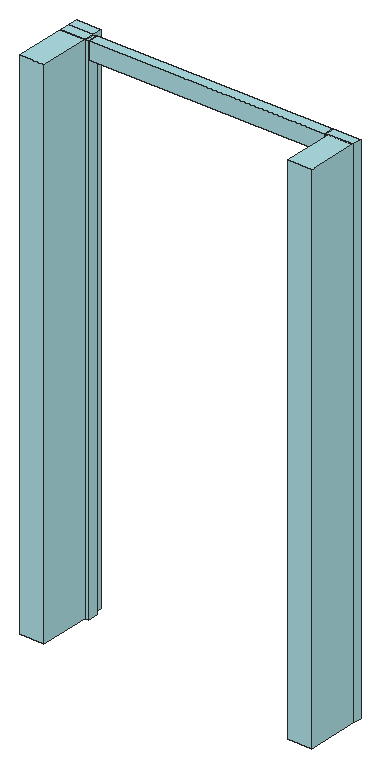
Revit family "Витраж_четверть_расшир", category Окна, Revit 2021
Family settings
  Основа = Стена
  Номер OmniClass = 23.30.20.00
  Заголовок OmniClass = Windows
  Всегда вертикально = Да
  При загрузке вырезать с полостями = Нет
  Общий = Нет
  Точка принадлежности помещению = Нет
Parameters (values of type "1760x3135")
  Четверь_ширина = 95 mm
  Четверь сверху_ширина = 75 mm
  Четверть_глубина [instance] = 60 mm
  Утепл_02_ширина = 210 mm
  Утепл_02_Отступ от внутреннего края = 90 mm
  Утепл_01_ширина = 230 mm
  Утепл_01_глубина = 60 mm
  Утепл_01_Смещение = 0 mm
  Утепл_01_Высота = 103 mm
  Примерная ширина вунутр проема = 1300 mm
  Rough Width = 1470 mm
  Rough Height = 3030 mm
  Поротерм_толщина = 250 mm
  Откос_толщина = 10 mm
  Определить тепловые свойства по = Тип схем
  Нащельник_глубина полки = 20 mm
  Нащельник_Ширина_полки = 28 mm
  Нащельник_Толщина = 2 mm
  Нащельник_Смещение_Сбоку = 190 mm
  Мат_Утепл_02 = BRU_Минераловатная плита ТехноБлок 80
  Мат_Утепл_01 = BRU_Минераловатная плита ТехноБлок 80
  Мат_Откос = Кирпич, бежевый
  Мат_Нащелник = none
  Группа модели = "Элемент фасада"
  Height = Rough Height + Утепл_01_Высота - Утепл_01_Смещение + Нащельник_Толщина  # 3135 mm
  Высота подоконника по умолчанию = 0 mm
  Замыкание стены = По основе
  Width = Rough Width + Утепл_02_ширина * 2  # 1890 mm
  Внутренний_проем_Ширина = 0 mm
  Вид_Откос = no
  Вид_Нащ_СО = Вид_Откос  # no
  Вид_Нащ_БО = not(Вид_Откос)  # yes
  Аналитическая конструкция = "<Нет>"
  ADSK_Толщина стены [instance] = 460 mm
  ADSK_Размер_Ширина = Примерная ширина вунутр проема + (Утепл_02_ширина - Четверь_ширина) * 4  # 1760 mm
  ADSK_Размер_Высота = Height  # 3135 mm
Reference planes
  plane 1 "По центру (Вперед/Назад)": y = 0
  plane 2 "По центру (Влево/Вправо)": x = 0
  plane 3 "Слева": x = -945
  plane 4 "Справа": x = 945
  plane 5 "Подоконник": z = 0
  plane 6 "Заголовок": z = 3135
  plane 7 "Наружный": y = 230
  plane 8 "Внутренние": y = -230
  plane 9: x = -850
  plane 10: x = 850
  plane 11: z = 3060
  plane 12: y = 80
  plane 13: x = -840
  plane 14: x = 840
  plane 15: z = 3050
  plane 16: y = 290
  plane 17: x = 0
  plane 18: x = 0
  plane 19: y = -480
  plane 20: z = 3032
  plane 21: y = 230
  plane 22: y = -140
  plane 23 "Нащельник слева": x = 755
  plane 24 "Нащельник справа": x = -755
Forms (mm)
  Extrusion 1, void
    sketch origin (0, 230, 0) x (1, 0, 0) y (0, 0, 1)
      loop
        line (880, 3135) -> (-880, 3135) -> (-880, 0) -> (880, 0) -> (880, 3135)
    from 0 to 460
  Extrusion 2, void
    sketch origin (0, 230, 0) x (1, 0, 0) y (0, 0, 1)
      loop
        line (850, 3060) -> (-850, 3060) -> (-850, 0) -> (850, 0) -> (850, 3060)
    from -180 to 510
  Extrusion 3, solid, material "Кирпич, бежевый" <- "Мат_Откос", visible <- "Вид_Откос"
    sketch origin (0, 230, 0) x (1, 0, 0) y (0, 0, 1)
      loop
        line (850, 3060) -> (-850, 3060) -> (-850, 0) -> (-840, 0) -> (-840, 3050) -> (840, 3050) -> (840, 0) -> (850, 0) -> (850, 3060)
    from -60 to 0
  Extrusion 4, solid, material "BRU_Минераловатная плита ТехноБлок 80" <- "Мат_Утепл_01"
    sketch origin (0, 0, 0) x (1, 0, 0) y (0, 1, 0)
      loop
        line (715, 230) -> (715, 170) -> (880, 170) -> (880, 230) -> (715, 230)
      loop
        line (-880, 230) -> (-880, 170) -> (-715, 170) -> (-715, 230) -> (-880, 230)
    from 0 to 3135
  Extrusion 5, solid, material "BRU_Минераловатная плита ТехноБлок 80" <- "Мат_Утепл_02"
    sketch origin (0, 0, 0) x (1, 0, 0) y (0, 1, 0)
      loop
        line (735, 170) -> (735, -140) -> (880, -140) -> (880, 170) -> (735, 170)
      loop
        line (-880, 290) -> (-880, -140) -> (-735, -140) -> (-735, 290) -> (-880, 290)
    from 0 to 3135
  Extrusion 6, solid, material "BRU_Минераловатная плита ТехноБлок 80" <- "Мат_Утепл_01"
    sketch origin (0, 0, 0) x (1, 0, 0) y (0, 1, 0)
      loop
        line (-715, 170) -> (715, 170) -> (715, 230) -> (-715, 230) -> (-715, 170)
    from 3032 to 3135
  Sweep 7, solid, material <- "Мат_Нащелник", visible <- "Вид_Нащ_СО"
    path origin (0, 230, 0) x (1, 0, 0) y (0, 0, 1)
      loop
        line (840, 0) -> (840, 3050) -> (-840, 3050) -> (-840, 0)
    profile origin (840, 230, 1525) x (-1, 0, 0) y (0, -1, 0)
      loop
        line (28, 0) -> (0, 0) -> (0, -20) -> (2, -20) -> (2, -2) -> (28, -2) -> (28, 0)
  Sweep 8, solid, material <- "Мат_Нащелник", visible <- "Вид_Нащ_БО"
    path origin (0, 230, 0) x (1, 0, 0) y (0, 0, 1)
      loop
        line (755, 0) -> (755, 3060) -> (-755, 3060) -> (-755, 0)
    profile origin (755, 230, 1530) x (-1, 0, 0) y (0, -1, 0)
      loop
        line (0, 0) -> (0, -20) -> (2, -20) -> (2, -2) -> (28, -2) -> (28, 0) -> (0, 0)
  Extrusion 9, void
    sketch origin (0, 230, 0) x (1, 0, 0) y (0, 0, 1)
      loop
        line (812, 2935) -> (812, 3032) -> (-812, 3032) -> (-812, 2935) -> (812, 2935)
    from -60 to 710
Cuts and joins
  Extrusion 9 cuts Sweep 7
  Extrusion 9 cuts Sweep 8
Text (mm)
  text "Наружный" at (-1963.203, 1332.353, 0), in view "Опорный уровень"
  text "Внутренние" at (-1981.466, -818.386, 0), in view "Опорный уровень"
  text "Наружный" at (0, 701.548, 2943.296), in view "Справа"
  text "Наружный" at (0, 1241.896, 2685.409), in view "Слева"
Dimensions and locks
  equal spacing: plane 3 "Слева", plane 2 "По центру (Влево/Вправо)", plane 4 "Справа"
  "Width": plane 3 "Слева" to plane 4 "Справа"
  "Height": plane 5 "Подоконник" to plane 6 "Заголовок"
  "Высота подоконника по умолчанию": plane 5 "Подоконник" to level
  locked: plane 7 "Наружный" to host wall
  locked: plane 8 "Внутренние" to host wall
  "Четверь_ширина": plane 3 "Слева" to plane 9
  "Четверь_ширина": plane 10 to plane 4 "Справа"
  "Четверь сверху_ширина": plane 11 to plane 6 "Заголовок"
  "Четверть_глубина": plane 7 "Наружный" to plane 16
  "Откос_толщина": plane 14 to plane 10
  "Откос_толщина": plane 9 to plane 13
  "Откос_толщина": plane 15 to plane 11
  "ADSK_Толщина стены": plane 8 "Внутренние" to plane 7 "Наружный"
  equal spacing: plane 17, plane 2 "По центру (Влево/Вправо)", plane 18
  "Поротерм_толщина": plane 19 to plane 8 "Внутренние"
  "Утепл_01_глубина": Extrusion 4 sketch curve to plane 21  (x2)
  "Утепл_01_ширина": Extrusion 4 sketch curve to plane 4 "Справа"
  "Утепл_01_ширина": plane 3 "Слева" to Extrusion 4 sketch curve
  "Утепл_01_глубина": Extrusion 5 sketch curve to plane 21
  "Утепл_02_ширина": Extrusion 5 sketch curve to plane 4 "Справа"
  "Утепл_01_глубина": plane 21 to Extrusion 5 sketch curve
  "Утепл_02_ширина": plane 3 "Слева" to Extrusion 5 sketch curve
  "Утепл_01_ширина": plane 3 "Слева" to Extrusion 6 sketch curve
  "Утепл_01_ширина": Extrusion 6 sketch curve to plane 4 "Справа"
  "Утепл_01_глубина": Extrusion 6 sketch curve to plane 21
  "Утепл_01_Высота": plane 20 to plane 6 "Заголовок"
  "Утепл_01_Смещение": plane 21 to plane 7 "Наружный"
  "Нащельник_Толщина": Sweep 7 sketch curve to plane 21
  "Нащельник_Толщина": Sweep 7 sketch curve to profile plane
  "Нащельник_Ширина_полки": Sweep 7 sketch curve to profile plane
  "Нащельник_глубина полки": Sweep 7 sketch curve to plane 21
  "Нащельник_Ширина_полки": Extrusion 9 sketch curve to plane 14
  "Нащельник_Ширина_полки": plane 13 to Extrusion 9 sketch curve
  locked: Extrusion 9 sketch curve to plane 6 "Заголовок" at 200
  "Утепл_02_Отступ от внутреннего края": plane 8 "Внутренние" to plane 22
  "Внутренний_проем_Ширина": plane 17 to plane 18
  Extrusion 5 to Extrusion 5 = 1760 mm  (x3)
  plane 3 "Слева" to Extrusion 5 = 65 mm
  Extrusion 5 to plane 4 "Справа" = 65 mm
  Extrusion 5 to Extrusion 5 = 1470 mm
  Extrusion 5 to Extrusion 2 to Extrusion 5 = 30 mm, 115 mm
  "Нащельник_Смещение_Сбоку": plane 23 "Нащельник слева" to plane 4 "Справа"
  "Нащельник_Смещение_Сбоку": plane 3 "Слева" to plane 24 "Нащельник справа"
  "Нащельник_Толщина": Sweep 8 sketch curve to plane 23 "Нащельник слева"
  "Нащельник_Ширина_полки": Sweep 8 sketch curve to plane 23 "Нащельник слева"
  "Нащельник_Толщина": profile plane to Sweep 8 sketch curve
  "Нащельник_глубина полки": profile plane to Sweep 8 sketch curve
  aligned and locked: Extrusion 1 sketch curve to plane 6 "Заголовок"
  aligned and locked: plane 5 "Подоконник" to Extrusion 1 sketch curve
  aligned and locked: Extrusion 2 sketch curve to plane 11
  aligned and locked: Extrusion 2 sketch curve to plane 10
  aligned and locked: plane 5 "Подоконник" to Extrusion 2 sketch curve
  aligned and locked: Extrusion 2 sketch curve to plane 9
  aligned and locked: Extrusion 3 sketch curve to plane 11
  aligned and locked: Extrusion 3 sketch curve to plane 10
  aligned and locked: Extrusion 3 sketch curve to plane 9
  aligned and locked: Extrusion 3 sketch curve to plane 15
  aligned and locked: Extrusion 3 sketch curve to plane 13
  aligned and locked: Extrusion 3 sketch curve to plane 14
  aligned and locked: plane 5 "Подоконник" to Extrusion 3 sketch curve
  aligned and locked: Extrusion 3 to plane 16
  aligned and locked: plane 5 "Подоконник" to Extrusion 4
  aligned and locked: plane 5 "Подоконник" to Extrusion 5
  aligned and locked: Extrusion 5 to plane 6 "Заголовок"
  aligned and locked: Extrusion 4 to plane 6 "Заголовок"
  aligned and locked: Extrusion 6 to plane 6 "Заголовок"
  aligned and locked: Extrusion 6 to plane 20
  aligned and locked: Extrusion 4 sketch curve to plane 21  (x2)
  aligned and locked: plane 21 to Extrusion 6 sketch curve
  aligned and locked: Extrusion 3 to Extrusion 4
  aligned and locked: plane 14 to Sweep 7 sketch curve
  aligned and locked: Sweep 7 sketch curve to plane 13
  aligned and locked: plane 5 "Подоконник" to Sweep 7 sketch curve  (x2)
  aligned and locked: Sweep 7 sketch curve to plane 15
  aligned and locked: profile plane to Sweep 7 sketch curve
  aligned and locked: plane 21 to Sweep 7 sketch curve
  aligned and locked: plane 5 "Подоконник" to Sweep 8 sketch curve  (x2)
  aligned and locked: plane 20 to Extrusion 9 sketch curve
  aligned and locked: Extrusion 9 to plane 19
  aligned and locked: plane 16 to Extrusion 9
  aligned and locked: plane 22 to Extrusion 5 sketch curve  (x2)
  aligned and locked: plane 23 "Нащельник слева" to Sweep 8 sketch curve
  aligned and locked: Sweep 8 sketch curve to plane 24 "Нащельник справа"
  aligned and locked: Sweep 8 sketch curve to plane 11
  aligned and locked: nested 1 to plane 11
  aligned and locked: nested 1 to Extrusion 4
  aligned and locked: Extrusion 4 to nested 1
  aligned and locked: plane 5 "Подоконник" to nested 1
Automatic sketch dimensions
  Extrusion 3 sketch curve to plane 5 "Подоконник" = 0 mm
  Extrusion 1 sketch curve to plane 10 = 30 mm
  plane 9 to Extrusion 1 sketch curve = 30 mm
  plane 9 to Extrusion 4 sketch curve = 30 mm
  Extrusion 4 sketch curve to plane 10 = 30 mm
  plane 9 to Extrusion 5 sketch curve = 30 mm
  Extrusion 5 sketch curve to plane 10 = 30 mm
  plane 7 "Наружный" to Sweep 8 sketch curve = 0 mm
  Sweep 8 sketch curve to profile plane = 0 mm
Nested families
  nested 1: "Обозначение проема" at (0, -230, 1530) x (-1, 0, 0) z (0, -1, 0), type "Обозначение проема"
    with Ширина 3060 mm, Высота 1760 mm
Definition of nested family "Обозначение проема"
  Parameters (values of type "Обозначение проема")
    Ширина [instance] = 1800 mm
    Высота [instance] = 1400 mm
  Reference planes
    plane 1 "По центру (Вперед/Назад)": y = 0
    plane 2: z = 0
    plane 3 "По центру (Влево/Вправо)": x = 0
    plane 4: y = 900
    plane 5: x = -700
    plane 6: x = 700
    plane 7: y = -900
  Lines and regions (mm)
    Filled region 1, type "Сплошная заливка - Серый", in view "Опорный уровень", detail levels coarse
      outline origin (0, 0, 0) x (1, 0, 0) y (0, 1, 0)
        loop
          line (-700, 900) -> (454.333, 633.501) -> (700, -900) -> (700, 900) -> (-700, 900)
    Masking region 1, in view "Опорный уровень", detail levels coarse
      outline origin (0, 0, 0) x (1, 0, 0) y (0, 1, 0)
        loop
          line (-700, 900) -> (-700, -900) -> (700, -900) -> (454.333, 633.501) -> (-700, 900)
  Dimensions and locks
    equal spacing: plane 5, plane 3 "По центру (Влево/Вправо)", plane 6
    equal spacing: plane 4, plane 1 "По центру (Вперед/Назад)", plane 7
    "Высота": plane 5 to plane 6
    "Ширина": plane 4 to plane 7
    aligned and locked: Filled region 1 sketch curve to plane 4
    aligned and locked: Filled region 1 sketch curve to plane 6
    aligned and locked: plane 5 to Filled region 1 sketch curve
    aligned and locked: plane 7 to Filled region 1 sketch curve
    aligned and locked: Masking region 1 sketch curve to plane 5
    aligned and locked: Masking region 1 sketch curve to plane 7
    aligned and locked: Masking region 1 sketch curve to Filled region 1  (x2)
  Automatic sketch dimensions
    Filled region 1 sketch curve to plane 6 = 245.667 mm
    Filled region 1 sketch curve to plane 4 = 266.499 mm
